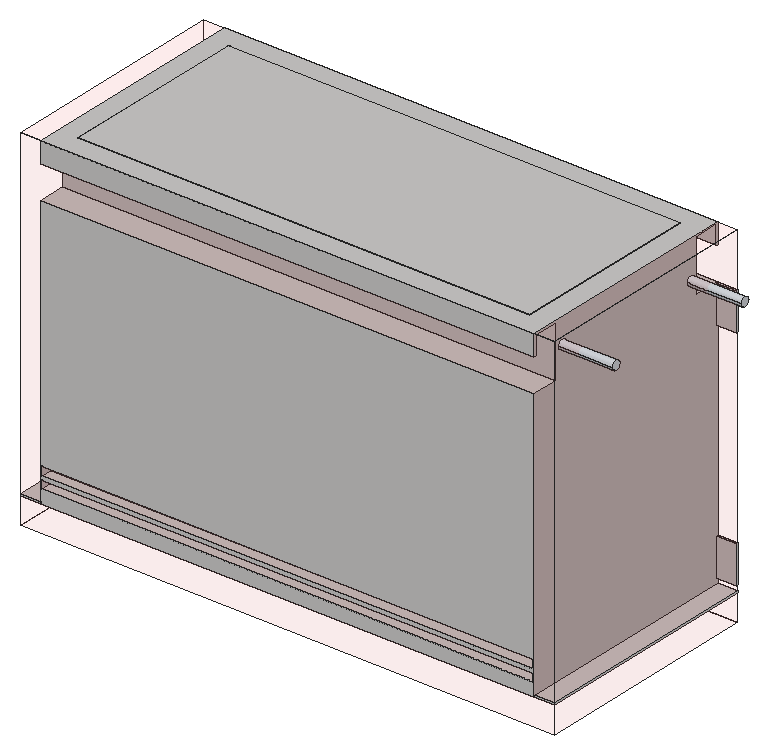
Revit family "Air-Curtain_Customer-Entry_PoweredAire_CHS", category Mechanical Equipment, host Face, Revit 2023
Family settings
  Host = Face
  Round Connector Dimension = Use Diameter
  Part Type = Normal
  OmniClass Number = 23.75.35.17.21
  OmniClass Title = Air Curtains
  Cut with Voids When Loaded = No
  Maintain Annotation Orientation = No
  Shared = No
  Room Calculation Point = No
Parameters
  upperrotation [instance] = if(Upper Pipe Connection Side A, 0.00°, 180.00°)  # 0.00°
  lowerrotation [instance] = if(Lower Pipe Connection Side A, 0.00°, 180.00°)  # 0.00°
  locateupperpipe [instance] = if(Upper Pipe Connection Side A, 0' 0", Nozzle Width)  # 0' - 0"
  locatelowerpipe [instance] = if(Lower Pipe Connection Side A, 0' 0", Nozzle Width)  # 0' - 0"
  Warranty Duration (Years) = 0
  Upper Pipe Connection Side A [instance] = yes
  Unit Width Notes = "Other Widths available."  # constant formula
  Unit Width = 3' - 3"
  Unit Weight = 0
  Unit Height = 1' - 4 3/4"
  Unit Depth [instance] = if(Include Filters, 2' 1 7/8", 1' 11 3/4")  # 1' - 11 3/4"
  URL = "http://www.poweredaire.com/"
  Test Data = ""
  Temperature Rise_Range = "as Specified"
  Standards Conformance = "as Specified"
  Specification = "http://www.arcat.com/sdspecs/htm04/23_34_33pai.htm"
  SpecWizard = ""
  Sound Pressure = "as Specified"
  Sales Information = "http://www.poweredaire.com/contact_us"
  Revision = "R1_2016-08"
  Projection from Host [instance] = 0' - 2"
  Product Properties = ""
  Product Data = "http://www.arcat.com/arcatcos/cos47/arc47623.html"
  Power Rating = 0 W
  Piping_Water Flow [instance] = 0 GPM
  Piping_Operating Pressure [instance] = 0.00 psi
  Piping_Exit Temperature [instance] = 0 °F
  Piping_Entry Temperature [instance] = 0 °F
  Pipe OD [instance] = 5/8"
  Outlet Volume_Range = "as Specified"
  Outlet Velocity_Range = "as Specified"
  Nozzle Width = if(1 = 1, Unit Width - 0' 3", 0' 0")  # 3' - 0"
  Mounting Width = if(1 = 1, Unit Width - 0' 1 1/2", 0' 0")  # 3' - 1 1/2"
  Mounting Height [instance] = 3' - 6"
  Motor RPM = 0
  Motor HP = 0
  Motor Count = 0
  Model = "As Specified"
  Max Height = 0' - 0"
  Manufacturer Website = "http://www.poweredaire.com/"
  Manufacturer Phone - Toll Free = "888-321-2473"
  Manufacturer Phone = "724-588-3305"
  Manufacturer Fax = "724-588-3371"
  Manufacturer Address = "109 Mortensen Rd.  Greenville, PA 16125"
  Manufacturer = "Powered Aire, Inc"
  Maintenance Schedule (Months) = 0
  Lower Pipe Connection Side A [instance] = yes
  Keynote = "23 34 33"
  Installation-Fabrication = ""
  Installation Phase = ""
  Include Filters [instance] = no
  Include Clearance [instance] = yes
  Heating Element Load = 0 W
  HVAC_Temperature Rise [instance] = 0 °F
  HVAC_Outlet Volume [instance] = 0 CFM
  HVAC_Outlet Velocity Uniformity = 0
  HVAC_Outlet Velocity [instance] = 0 FPM
  HVAC_BTU Input = 0.0 Btu/h
  Green Building-LEED = "http://www.arcat.com/green/clients/leed_data_47623.html"
  Front Grating Material [instance] = Metal - Steel - PoweredAire - Stainless 304 Perforated
  Frame Finish [instance] = Metal - Steel - PoweredAire - Stainless 304
  Expected Lifespan (Years) = 0
  Electrical_Wattage [instance] = Power Rating + Heating Element Load  # 0 W
  Electrical_Voltage [instance] = 0 V
  Electrical_Phase [instance] = 1
  Electrical_Frequency [instance] = 0 Hz
  Electrical_Amperage [instance] = 0 A
  Drawn By = "Sumex Design, Inc. / Robert S. Weygant, CSI, CDT, SCIP"
  Description = "Powered Aire Air Curtain as Specified"
  Default Elevation = 0' - 0"  # constant formula
  Copyright = "©Arcat Inc."
  Construction Details = "http://www.arcat.com/details/powair/prod3336.html"
  Clearance_Top [instance] = 0' - 0"
  Clearance_Side B [instance] = 0' - 0"
  Clearance_Side A [instance] = 0' - 0"
  Clearance_Intake [instance] = 0' - 0"
  Clearance_Bottom [instance] = 0' - 0"
  Clearance Material [instance] = ARCAT Clearance
  Building Codes = ""
  Available Options [instance] = "as Specified"
  Assembly Code = "D3090400"
Reference planes (in)
  plane 1 "Center (Elevation)": y = 0.13818
  plane 2: z = 0
  plane 3 "Center (Left/Right)": x = 0
  plane 4: y = 8.51318
  plane 5: y = -8.23682
  plane 6: x = -19.5
  plane 7: x = 19.5
  plane 8: z = 25.75
  plane 9 "FF": y = -41.86182
  plane 10: z = 2
  plane 11: x = 18
  plane 12: x = -18
  plane 13: y = 8.51318
  plane 14: y = -8.23682
  plane 15: x = -19.5
  plane 16: x = 19.5
  plane 17: z = 25.75
  plane 18: x = 17.9375
  plane 19: x = -17.9375
  plane 20: x = 18
  plane 21: x = 18
  plane 22: y = 6.01318
  plane 23: y = -5.73682
Forms (in)
  Extrusion 1, solid, material "Metal - Steel - PoweredAire - Stainless 304" <- "Frame Finish"
    sketch origin (0, 0, 0) x (0, 1, 0) y (0, 0, 1)
      loop
        line (-8.23682, 2) -> (8.51318, 2) -> (8.51318, 21.8125) -> (6.51318, 21.8125) -> (6.51318, 25.625) -> (8.38818, 25.625) -> (8.38818, 24.25) -> (8.51318, 24.25) -> (8.51318, 25.75) -> (-8.23682, 25.75) -> (-8.23682, 24.25) -> (-8.11182, 24.25) -> (-8.11182, 25.625) -> (-6.23682, 25.625) -> (-6.23682, 21.8125) -> (-8.23682, 21.8125) -> (-8.23682, 2)
    from -18 to 18
  Extrusion 2, solid, material "ARCAT Clearance" <- "Clearance Material", visible <- "Include Clearance"
    sketch origin (0, 0, 0) x (0, 1, 0) y (0, 0, 1)
      loop
        line (-8.23682, 25.75) -> (-8.23682, 0) -> (8.51318, 0) -> (8.51318, 25.75) -> (-8.23682, 25.75)
    from -19.5 to 19.5
  Extrusion 3, solid, material "Metal - Steel - PoweredAire - Stainless 304" <- "Frame Finish"
    sketch origin (-15.17702, -180, 2) x (-1, 0, 0) y (0, -1, 0)
      loop
        line (-33.17702, -188.51318) -> (-33.17702, -171.76318) -> (-34.67702, -171.76318) -> (-34.67702, -188.51318) -> (-33.17702, -188.51318)
      loop
        line (2.82298, -188.51318) -> (4.32298, -188.51318) -> (4.32298, -171.76318) -> (2.82298, -171.76318) -> (2.82298, -188.51318)
    from 0 to 0.125
  Extrusion 4, solid, material "Metal - Steel - PoweredAire - Stainless 304" <- "Frame Finish"
    sketch origin (-11.83813, 8.51318, 48) x (-1, 0, 0) y (0, 0, 1)
      loop
        line (-29.83813, -45.5) -> (-29.83813, -42.75) -> (-31.33813, -42.75) -> (-31.33813, -45.5) -> (-29.83813, -45.5)
      loop
        line (-29.83813, -28.9375) -> (-29.83813, -26.1875) -> (-31.33813, -26.1875) -> (-31.33813, -28.9375) -> (-29.83813, -28.9375)
      loop
        line (6.16187, -45.5) -> (7.66187, -45.5) -> (7.66187, -42.75) -> (6.16187, -42.75) -> (6.16187, -45.5)
      loop
        line (6.16187, -28.9375) -> (7.66187, -28.9375) -> (7.66187, -26.1875) -> (6.16187, -26.1875) -> (6.16187, -28.9375)
    from 0 to -0.125
  Extrusion 5, void
    sketch origin (0, 0, 0) x (0, 1, 0) y (0, 0, 1)
      loop
        line (-8.23682, 3) -> (-7.23682, 3) -> (-7.23682, 4.5) -> (-8.23682, 4.5) -> (-8.23682, 3.82425) -> (-7.38364, 3.82425) -> (-7.38364, 3.57425) -> (-8.23682, 3.57425) -> (-8.23682, 3)
    from -17.9375 to 17.9375
  Extrusion 6, solid, material "Metal - Steel - PoweredAire - Stainless 304 Perforated" <- "Front Grating Material"
    sketch origin (0, -8.23682, 25.75) x (0, 1, 0) y (-1, 0, 0)
      loop
        line (15.25, 16.5) -> (1.5, 16.5) -> (1.5, -16.5) -> (15.25, -16.5) -> (15.25, 16.5)
    from 0 to 0.03125
  Sweep 7, solid
    path origin (18, 6.01318, 0) x (1, 0, 0) y (0, 1, 0)
      loop
        line (0, 0) -> (4, 0)
    profile origin (20, 6.01318, 0) x (0, 1, 0) y (0, 0, 1)
      loop
        circle (0, 23) r 0.3125
  Sweep 8, solid
    path origin (18, -5.73682, 0) x (1, 0, 0) y (0, 1, 0)
      loop
        line (0, 0) -> (4, 0)
    profile origin (20, -5.73682, 0) x (0, 1, 0) y (0, 0, 1)
      loop
        circle (0, 24) r 0.3125
Cuts and joins
  Extrusion 5 cuts Extrusion 1
Lines and regions (in)
  reference lines
    curve 1: line (18, 6.01318, 0) -> (22.75, 6.01318, 0)
    curve 2: line (18, -5.73682, 0) -> (23.75, -5.73682, 0)
Dimensions and locks (in)
  equal spacing: plane 4, plane 1 "Center (Elevation)", plane 5
  "Unit Height": plane 4 to plane 5
  equal spacing: plane 6, plane 3 "Center (Left/Right)", plane 7
  "Unit Width": plane 6 to plane 7
  "Mounting Height": plane 1 "Center (Elevation)" to plane 9 "FF"
  "Projection from Host": plane 10 to level
  "Unit Depth": plane 8 to plane 10
  locked: plane 6 to plane 12 at 1.5
  locked: plane 11 to plane 7 at 1.5
  "Clearance_Side A": plane 7 to plane 16
  "Clearance_Side B": plane 15 to plane 6
  "Clearance_Top": plane 13 to plane 4
  "Clearance_Bottom": plane 5 to plane 14
  "Clearance_Intake": plane 17 to plane 8
  plane 5 to Extrusion 1 sketch curve to Extrusion 1 sketch curve = 0' - 0 1/8" locked, 0' - 1 7/8" locked
  Extrusion 1 sketch curve to Extrusion 1 sketch curve to plane 4 = 0' - 1 7/8" locked, 0' - 0 1/8" locked
  Extrusion 4 sketch curve to Extrusion 4 sketch curve to Extrusion 4 sketch curve to Extrusion 4 sketch curve to plane 10 = 0' - 2 3/4" locked, 1' - 1 13/16" locked, 0' - 2 3/4" locked, 0' - 0 1/2" locked
  Extrusion 4 sketch curve to Extrusion 4 sketch curve to Extrusion 4 sketch curve to Extrusion 4 sketch curve = 0' - 2 3/4" locked, 1' - 1 13/16" locked, 0' - 2 3/4" locked
  locked: Extrusion 4 sketch curve to plane 10 at 0.5
  plane 8 to Extrusion 1 sketch curve to Extrusion 1 sketch curve = 0' - 0 1/8" locked, 0' - 1 3/8" locked  (x2)
  locked: Extrusion 1 sketch curve to plane 10 at 19.8125  (x2)
  Extrusion 5 sketch curve to Extrusion 5 sketch curve to Extrusion 5 sketch curve to Extrusion 5 sketch curve to plane 10 = 0' - 0.67575" locked, 0' - 0 1/4" locked, 0' - 0.57425" locked, 0' - 1" locked
  plane 5 to Extrusion 5 sketch curve to Extrusion 5 sketch curve = 0' - 0.85319" locked, 0' - 0.14681" locked
  locked: plane 19 to plane 12 at 0.0625
  locked: plane 11 to plane 18 at 0.0625
  locked: plane 4 to Extrusion 6 sketch curve at 1.5
  locked: Extrusion 6 sketch curve to plane 5 at 1.5
  locked: Extrusion 6 sketch curve to plane 11 at 1.5
  locked: plane 12 to Extrusion 6 sketch curve at 1.5
  "locateupperpipe": plane 20 to plane 11
  "locatelowerpipe": plane 21 to plane 11
  locked: plane 4 to plane 22 at 2.5
  locked: plane 23 to plane 5 at 2.5
  locked: curve 1 to Sweep 7 sketch curve at 4
  locked: curve 1 to Sweep 7 sketch curve
  locked: Sweep 7 sketch curve to plane 10 at 21
  locked: curve 2 to Sweep 8 sketch curve at 4
  locked: curve 2 to Sweep 8 sketch curve
  locked: Sweep 8 sketch curve to plane 10 at 22
  "upperrotation": angle plane 22 to curve 1
  "lowerrotation": angle plane 23 to curve 2
  aligned and locked: plane 2 to host face
  aligned and locked: level to host face
  aligned and locked: Extrusion 2 sketch curve to plane 17
  aligned and locked: plane 14 to Extrusion 2 sketch curve
  aligned and locked: level to Extrusion 2 sketch curve
  aligned and locked: Extrusion 2 sketch curve to plane 13
  aligned and locked: plane 16 to Extrusion 2
  aligned and locked: Extrusion 2 to plane 15
  aligned and locked: plane 11 to Extrusion 1
  aligned and locked: Extrusion 1 to plane 12
  aligned and locked: plane 21 to curve 2
  aligned and locked: plane 23 to curve 2
  aligned and locked: plane 22 to curve 1
  aligned and locked: plane 20 to curve 1
Automatic sketch dimensions
  host sketch curve to host sketch curve = 8' - 0"  (x2)
  Extrusion 1 sketch curve to plane 5 = 0' - 0"  (x2)
  Extrusion 1 sketch curve to plane 4 = 0' - 0"  (x2)
  Extrusion 1 sketch curve to plane 10 = 0' - 0"
  Extrusion 1 sketch curve to plane 8 = 0' - 0"
  plane 4 to Extrusion 3 sketch curve = 0' - 0"
  Extrusion 3 sketch curve to plane 7 = 0' - 0"
  plane 5 to Extrusion 3 sketch curve = 0' - 0"
  Extrusion 3 sketch curve to plane 11 = 0' - 0"
  Extrusion 3 sketch curve to plane 4 = 0' - 0"
  Extrusion 3 sketch curve to plane 12 = 0' - 0"
  Extrusion 3 sketch curve to plane 6 = 0' - 0"
  Extrusion 3 sketch curve to plane 5 = 0' - 0"
  Extrusion 4 sketch curve to plane 7 = 0' - 0"  (x2)
  Extrusion 4 sketch curve to plane 11 = 0' - 0"  (x2)
  Extrusion 4 sketch curve to plane 12 = 0' - 0"  (x2)
  Extrusion 4 sketch curve to plane 6 = 0' - 0"  (x2)
  Extrusion 5 sketch curve to plane 5 = 0' - 0"  (x2)
  Sweep 7 sketch curve to profile plane = 0' - 0"
  Sweep 8 sketch curve to profile plane = 0' - 0"
  radius of Sweep 7 sketch curve = 0' - 0 5/16"
  radius of Sweep 8 sketch curve = 0' - 0 5/16"
Connectors (in)
  piping at (22, 6.01318, 23), diameter 0.625, driven by "Pipe OD", driven by "Piping_Water Flow"
    settings: on Sweep 7, index 1, connector inside diameter 24", connector length 0' - 0", flow factor 0, pipe flow 0 GPM, pressure drop 0.00 psi, fitting loss kfactor 0, connector angle 0.00°, fixture units 0, engagement length 0' - 0", angle of deflection 0.00°, flow configuration 0, flow direction 0, fitting loss method 0, system type 29, joint type 0, gender type 0, connector reference index -1, connector utility 0, adjustable connector no, is connector primary yes, connector description "Define Supply or Return and Location"
  piping at (22, -5.73682, 24), diameter 0.625, driven by "Pipe OD", driven by "Piping_Water Flow"
    settings: on Sweep 8, index 2, connector inside diameter 24", connector length 0' - 0", flow factor 0, pipe flow 0 GPM, pressure drop 0.00 psi, fitting loss kfactor 0, connector angle 0.00°, fixture units 0, engagement length 0' - 0", angle of deflection 0.00°, flow configuration 0, flow direction 0, fitting loss method 0, system type 29, joint type 0, gender type 0, connector reference index -1, connector utility 0, adjustable connector no, is connector primary no, connector description "Define Supply or Return and Location"
  electrical at (-18, 0.13818, 21.39062), driven by "Electrical_Voltage", driven by "Electrical_Phase"
    settings: on cut or joined group of Extrusion 1, Extrusion 5, index 3, voltage 0 V, apparent load 0 VA, apparent load phase1 0 VA, apparent load phase2 0 VA, apparent load phase3 0 VA, power factor 1, load classification "Motor", number of poles 1, system type 31, power factor state 1, is connector primary yes, connector utility no, sub classification motor no, connector description ""
